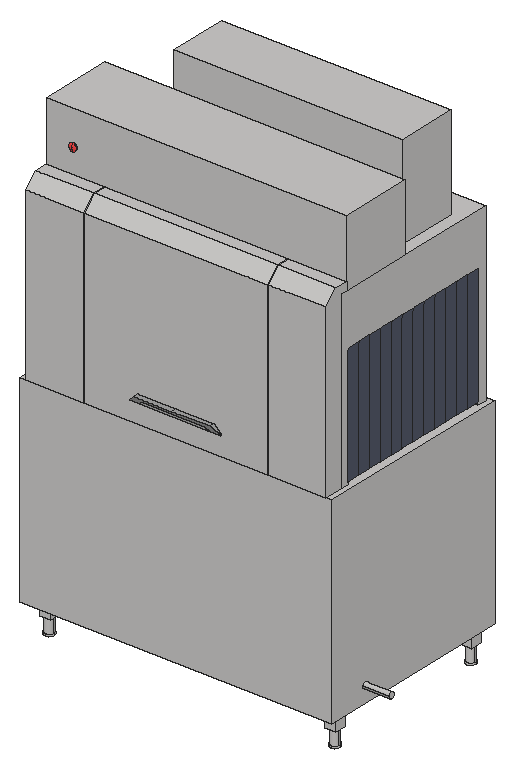
Revit family "QF_ELECTROLUXPROFESSIONAL_520429_ESR20ER5TL", category Specialty Equipment, Revit 2018
Family settings
  Round Connector Dimension = Use Diameter
  Part Type = Normal
  Work Plane-Based = No
  Always vertical = Yes
  Cut with Voids When Loaded = No
  Shared = No
  Room Calculation Point = No
Parameters
  Weight = 258.00 kg
  Watts = 0 W
  Volts = 0 V
  URL Manufacturer = ""
  URL = ""
  Steam Supply Size = 0 mm
  Steam Supply Minimum Pressure = 0.0 Pa
  Steam Supply Maximum Pressure = 0.0 Pa
  Steam Pounds per Hour = 0
  Show Clearance [instance] = yes
  Refrigeration Suction Line Size = 0 mm
  Refrigeration Liquid Line Size = 0 mm
  Refrigerant Compressor Remote = yes
  Manufacturer = ""
  Phase = 0
  Model = ""
  Length Actual = 1148 mm  # constant formula
  L_R [instance] = yes
  Item Number = ""
  Hot Water Size = 0 mm
  Height Actual = 1846 mm  # constant formula
  HP = "67.7 HP"
  Gas Size = 0 mm
  Gas KW = 0
  Gas Input Pressure = 0 W
  Direct Waste Size = 50.8 mm
  Description = ""
  Depth Actual = 800 mm  # constant formula
  Cycle = 0 Hz
  Condensate Return Size = 0 mm
  Compressed Air Volume = 0.0 L/s
  Compressed Air Size = 0 mm
  Compressed Air Pressure = 0.0 Pa
  Cold Water Size = 0 mm
  Accessory = yes
Types (2, lengths in mm): name | Volts | URL Manufacturer | URL | Manufacturer | Phase | Model | Item Number | Description | Cycle
  (no name) | 0 V | "" | "" | "" | 0 | "" | "" | "" | 0 Hz
  Standard | 380 V | "http://professional.electrolux.com" | "http://professional.electrolux.com" | "Electrolux Professional" | 3 | "ESR20ER5TL" | "520429" | "SINGLE RINSE RACK TYPE DISHWASHER,200 RACKS/HOUR,71 THERMAL,ELECTRIC,R>L,380-400V/50HZ/3N" | 50 Hz
Reference planes
  plane 1 "Centro (Fronte/Retro)": y = 0
  plane 2: z = 0
  plane 3 "Centro (Sinistra/Destra)": x = 0
  plane 4 "LEFT": x = -574
  plane 5 "RIGHT": x = 574
  plane 6 "BACK": y = 384
  plane 7 "FRONT": y = -384
  plane 8: z = 120
  plane 9: z = 1747
  plane 10: z = 858
  plane 11: z = 1501
  plane 12: z = 1846
  plane 13: x = -526
  plane 14: x = 526
  plane 15: y = -290
  plane 16: y = 336
  plane 17: y = 369
  plane 18: x = -553
  plane 19: x = 553
  plane 20: y = -318
  plane 21: x = -338
  plane 22: x = 338
  plane 23: z = 1308
  plane 24: z = 2000
  plane 25: y = 464
Forms (mm)
  Extrusion 1, solid, material "QF_Finishes_Stainless Steel"
    sketch origin (0, 0, 0) x (1, 0, 0) y (0, 1, 0)
      loop
        line (-574, 384) -> (-574, -364) -> (574, -364) -> (574, 384) -> (-574, 384)
    from 120 to 858
  Extrusion 2, solid, material "QF_Finishes_Stainless Steel"
    sketch origin (0, 0, 0) x (1, 0, 0) y (0, 1, 0)
      loop
        line (-553, 369) -> (-553, -298) -> (553, -298) -> (553, 369) -> (-553, 369)
    from 858 to 1501
  Extrusion 3, solid, material "QF_Finishes_Stainless Steel"
    sketch origin (0, 20, 0) x (0, 1, 0) y (0, 0, 1)
      loop
        line (-384, 858) -> (-318, 858) -> (-318, 1501) -> (-290, 1501) -> (-290, 1531) -> (-340, 1531) -> (-384, 1487) -> (-384, 858)
    from -553 to -338
  Extrusion 4, solid, material "QF_Finishes_Stainless Steel"
    sketch origin (500, 20, 0) x (0, 1, 0) y (0, 0, 1)
      loop
        line (-384, 858) -> (-318, 858) -> (-318, 1501) -> (-290, 1501) -> (-290, 1531) -> (-340, 1531) -> (-384, 1487) -> (-384, 858)
    from -162 to 53
  Extrusion 5, solid, material "QF_Finishes_Stainless Steel"
    sketch origin (540, 20, 0) x (0, 1, 0) y (0, 0, 1)
      loop
        line (-384, 858) -> (-318, 858) -> (-318, 1501) -> (-290, 1501) -> (-290, 1531) -> (-340, 1531) -> (-384, 1487) -> (-384, 858)
    from -878 to -202
  Extrusion 6, solid, material "QF_Finishes_Gray"
    sketch origin (540, -364, 858) x (0, 0, 1) y (-1, 0, 0)
      loop
        line (100, 540) -> (100, 680) -> (71.716, 708.284) -> (71.716, 371.716) -> (100, 400) -> (100, 540)
    from 0 to 20
  Extrusion 7, void
    sketch origin (540, -384, 858) x (0, 0, -1) y (-1, 0, 0)
      loop
        line (-71.716, 670) -> (-85.858, 655.858) -> (-85.858, 540) -> (-85.858, 424.142) -> (-71.716, 410) -> (-71.716, 670)
    from 0 to 15.552
  Extrusion 8, void
    sketch origin (0, 0, 0) x (0, 1, 0) y (0, 0, 1)
      loop
        line (-368.448, 929.716) -> (-384, 958) -> (-384, 929.716) -> (-368.448, 929.716)
    from -266.002 to 250
  Extrusion 9, solid, material "QF_Finishes_Stainless Steel"
    sketch origin (0, 0, 0) x (1, 0, 0) y (0, 1, 0)
      loop
        line (-553, -270) -> (553, -270) -> (553, 0) -> (-553, 0) -> (-553, -270)
    from 1501 to 1747
  Revolve 10, solid, material "QF_Finishes_Red"
    sketch origin (-450, 0, 0) x (0, 1, 0) y (0, 0, 1)
      loop
        line (-270, 1624.5) -> (-270, 1629.5) -> (-275.578, 1629.5) -> (-275.578, 1638.673) -> (-276.708, 1638.673)
        arc (-276.708, 1638.673) -> (-279.647, 1631.859) -> (-280.606, 1624.5) r 26.817
        line (-280.606, 1624.5) -> (-270, 1624.5)
      axis (-270, 1624.5) -> (-280.606, 1624.5)
    angle from 0 to 360
  Extrusion 11, solid, material "QF_Finishes_Stainless Steel"
    sketch origin (0, 0, 0) x (1, 0, 0) y (0, 1, 0)
      loop
        line (509, 42) -> (509, 265) -> (-334, 265) -> (-334, 42) -> (509, 42)
    from 1501 to 1846
  Extrusion 12, void
    sketch origin (-553, -318, 0) x (0, -1, 0) y (0, 0, -1)
      loop
        line (-654, -1308) -> (-53, -1308) -> (-53, -858) -> (-654, -858) -> (-654, -1308)
    from 0 to 1106
  Extrusion 13, solid, material "QF_Finishes_Navy Blue"
    sketch origin (-553, -318, 0) x (0, 1, 0) y (0, 0, -1)
      loop
        line (653, -1308) -> (653, -868) -> (604, -868) -> (604, -1308) -> (653, -1308)
      loop
        line (53, -1308) -> (102, -1308) -> (102, -868) -> (53, -868) -> (53, -1308)
      loop
        line (602, -868) -> (554, -868) -> (554, -1308) -> (602, -1308) -> (602, -868)
      loop
        line (552, -868) -> (504, -868) -> (504, -1308) -> (552, -1308) -> (552, -868)
      loop
        line (502, -868) -> (454, -868) -> (454, -1308) -> (502, -1308) -> (502, -868)
      loop
        line (452, -868) -> (404, -868) -> (404, -1308) -> (452, -1308) -> (452, -868)
      loop
        line (402, -868) -> (354, -868) -> (354, -1308) -> (402, -1308) -> (402, -868)
      loop
        line (352, -868) -> (304, -868) -> (304, -1308) -> (352, -1308) -> (352, -868)
      loop
        line (302, -868) -> (254, -868) -> (254, -1308) -> (302, -1308) -> (302, -868)
      loop
        line (252, -868) -> (204, -868) -> (204, -1308) -> (252, -1308) -> (252, -868)
      loop
        line (202, -868) -> (154, -868) -> (154, -1308) -> (202, -1308) -> (202, -868)
      loop
        line (152, -868) -> (104, -868) -> (104, -1308) -> (152, -1308) -> (152, -868)
    from 0 to -3
  Extrusion 14, solid, material "QF_Finishes_Navy Blue"
    sketch origin (553, -318, 0) x (0, 1, 0) y (0, 0, 1)
      loop
        line (653, 1308) -> (604, 1308) -> (604, 868) -> (653, 868) -> (653, 1308)
      loop
        line (53, 1308) -> (53, 868) -> (102, 868) -> (102, 1308) -> (53, 1308)
      loop
        line (602, 868) -> (602, 1308) -> (554, 1308) -> (554, 868) -> (602, 868)
      loop
        line (552, 868) -> (552, 1308) -> (504, 1308) -> (504, 868) -> (552, 868)
      loop
        line (502, 868) -> (502, 1308) -> (454, 1308) -> (454, 868) -> (502, 868)
      loop
        line (452, 868) -> (452, 1308) -> (404, 1308) -> (404, 868) -> (452, 868)
      loop
        line (402, 868) -> (402, 1308) -> (354, 1308) -> (354, 868) -> (402, 868)
      loop
        line (352, 868) -> (352, 1308) -> (304, 1308) -> (304, 868) -> (352, 868)
      loop
        line (302, 868) -> (302, 1308) -> (254, 1308) -> (254, 868) -> (302, 868)
      loop
        line (252, 868) -> (252, 1308) -> (204, 1308) -> (204, 868) -> (252, 868)
      loop
        line (202, 868) -> (202, 1308) -> (154, 1308) -> (154, 868) -> (202, 868)
      loop
        line (152, 868) -> (152, 1308) -> (104, 1308) -> (104, 868) -> (152, 868)
    from 0 to -3
  Extrusion 15, solid, material "QF_Door-Drawer Clearances", visible <- "Show Clearance", detail levels coarse
    sketch origin (453, -119.301, 494.86) x (0, 1, 0) y (0, 0, 1)
      loop
        line (-178.699, 1036.14) -> (-178.699, 1475.14) -> (-150.699, 1475.14) -> (-150.699, 1505.14) -> (-200.699, 1505.14) -> (-244.699, 1461.14) -> (-244.699, 992.14) -> (-200.699, 1036.14) -> (-178.699, 1036.14)
    from -791 to -115
  Extrusion 16, solid, material "QF_Clearance", visible <- "Show Clearance", detail levels coarse
    sketch origin (0, 0, 0) x (1, 0, 0) y (0, 1, 0)
      loop
        line (-574, 384) -> (574, 384) -> (574, 464) -> (-574, 464) -> (-574, 384)
    from 0 to 1846
  Extrusion 17, solid, material "QF_Finishes_Stainless Steel"
    sketch origin (-553, -318, 0) x (0, 1, 0) y (0, 0, -1)
      loop
        circle (104, -183) r 10
    from 21 to 121
  Extrusion 18, solid, material "QF_Finishes_Stainless Steel"
    sketch origin (553, -318, 0) x (0, 1, 0) y (0, 0, 1)
      loop
        circle (104, 183) r 10
    from 21 to 121
  Extrusion 19, solid, material "QF_Finishes_Stainless Steel"
    sketch origin (487.887, 0, -4.4) x (-1, 0, 0) y (0, 0, 1)
      loop
        circle (943.887, 1646.362) r 10
    from 0 to 35
  Extrusion 20, solid, material "QF_Finishes_Stainless Steel"
    sketch origin (-335, 265, 6.038) x (1, 0, 0) y (0, 0, -1)
      loop
        circle (204, -1740.962) r 10
    from 0 to 10
Cuts and joins
  Extrusion 7, Extrusion 12 cuts Extrusion 2
  Extrusion 7 cuts Extrusion 5
  Extrusion 7, Extrusion 8 cuts Extrusion 6
  Extrusion 12 cuts Extrusion 1
Lines and regions (mm)
  Split face 1
    outline origin (-553, -270, 0) x (1, 0, 0) y (0, 0, 1)
      loop
        line (215, 1501) -> (215, 1747)
      loop
        line (891, 1501) -> (891, 1747)
  Split face 2
    outline origin (-553, -270, 0) x (1, 0, 0) y (0, 0, 1)
      loop
        line (215, 1651) -> (310, 1651) -> (348.837, 1604.716) -> (553, 1604.716) -> (757.163, 1604.716) -> (796, 1651) -> (891, 1651)
  Split face 3
    outline origin (-553, -270, 0) x (1, 0, 0) y (0, 0, 1)
      loop
        line (482.982, 1651) -> (482.982, 1631) -> (512.982, 1631) -> (512.982, 1651) -> (482.982, 1651)
  Split face 4
    outline origin (553, -270, 0) x (-1, 0, 0) y (0, 0, -1)
      loop
        line (455.982, -1651) -> (485.982, -1651) -> (485.982, -1631) -> (455.982, -1631) -> (455.982, -1651)
  symbolic lines
    curve 1: line (-334, 265, 0) -> (509, 265, 0)
    curve 2: line (-334, 42, 0) -> (-334, 265, 0)
    curve 3: line (509, 42, 0) -> (-334, 42, 0)
    curve 4: line (509, 265, 0) -> (509, 42, 0)
    curve 5: line (-574, 384, 0) -> (574, 384, 0)
    curve 6: line (574, 384, 0) -> (574, -364, 0)
    curve 7: line (574, -364, 0) -> (-574, -364, 0)
    curve 8: line (-574, -364, 0) -> (-574, 384, 0)
    curve 9: line (-553, -364, 0) -> (-553, 369, 0)
    curve 10: line (-553, 369, 0) -> (553, 369, 0)
    curve 11: line (553, 369, 0) -> (553, -364, 0)
    curve 12: line (553, -320, 0) -> (-553, -320, 0)
    curve 13: line (-338, -364, 0) -> (-338, -270, 0)
    curve 14: line (-553, -270, 0) -> (553, -270, 0)
    curve 15: line (338, -364, 0) -> (338, -270, 0)
    curve 16: line (526, 0, 0) -> (-553, 0, 0)
    curve 23: line (-168.284, -364, 0) -> (-168.284, -368.448, 0)
    curve 24: line (-168.284, -368.448, 0) -> (-140, -384, 0)
    curve 25: line (-140, -384, 0) -> (140, -384, 0)
    curve 26: line (140, -384, 0) -> (168.284, -368.448, 0)
    curve 27: line (168.284, -368.448, 0) -> (168.284, -364, 0)
  symbolic lines, style "QF_Clearances"
    curve 17: line (-574, 384, 0) -> (-574, 464, 0)
    curve 18: line (-574, 464, 0) -> (574, 464, 0)
    curve 19: line (574, 384, 0) -> (574, 464, 0)
  symbolic lines, style "SpecialityEquipment"
    curve 20: line (-100, 129, 0) -> (100, 129, 0)
  symbolic lines, style "SpecialityEquipment", visible <- "L_R"
    curve 21: line (-100, 129, 0) -> (-50.207, 87.219, 0)
    curve 22: line (-100, 129, 0) -> (-50.207, 170.781, 0)
Dimensions and locks
  equal spacing: plane 4 "LEFT", plane 3 "Centro (Sinistra/Destra)", plane 5 "RIGHT"
  plane 4 "LEFT" to plane 5 "RIGHT" = 1148 mm
  equal spacing: plane 6 "BACK", plane 1 "Centro (Fronte/Retro)", plane 7 "FRONT"
  plane 6 "BACK" to plane 7 "FRONT" = 768 mm
  plane 12 to plane 9 to plane 11 to plane 10 to plane 8 to plane 2 = 99 mm, 246 mm, 643 mm, 738 mm, 120 mm
  plane 12 to plane 2 = 1846 mm
  locked: plane 4 "LEFT" to plane 13 at 48
  locked: plane 14 to plane 5 "RIGHT" at 48
  locked: plane 6 "BACK" to plane 16 at 48
  locked: plane 15 to plane 7 "FRONT" at 94
  locked: plane 6 "BACK" to plane 17 at 15
  locked: plane 4 "LEFT" to plane 18 at 21
  locked: plane 19 to plane 5 "RIGHT" at 21
  locked: plane 20 to plane 7 "FRONT" at 66
  locked: plane 21 to plane 18 at 215
  locked: plane 19 to plane 22 at 215
  locked: plane 23 to plane 10 at 450
  plane 24 to plane 2 = 2000 mm
  locked: plane 6 "BACK" to plane 25 at 80
  plane 9 to plane 2 = 1747 mm
  aligned and locked: level to plane 2
  aligned and locked: plane 13 to nested 1
  aligned and locked: nested 1 to plane 15
  aligned and locked: nested 2 to plane 16
  aligned and locked: plane 14 to nested 3
  aligned and locked: nested 4 to plane 16
  aligned and locked: plane 14 to nested 4
  aligned and locked: Extrusion 1 sketch curve to plane 6 "BACK"
  aligned and locked: plane 4 "LEFT" to Extrusion 1 sketch curve
  aligned and locked: Extrusion 1 sketch curve to plane 5 "RIGHT"
  aligned and locked: plane 18 to Extrusion 2 sketch curve
  aligned and locked: Extrusion 2 sketch curve to plane 19
  aligned and locked: Extrusion 2 sketch curve to plane 17
  aligned and locked: Extrusion 3 to plane 18
  aligned and locked: plane 21 to Extrusion 3
  aligned and locked: plane 19 to Extrusion 4
  aligned and locked: Extrusion 4 to plane 22
  aligned and locked: Extrusion 5 to plane 21
  aligned and locked: plane 22 to Extrusion 5
  aligned and locked: Extrusion 2 to Extrusion 3
  aligned and locked: Extrusion 1 to Extrusion 3
  aligned and locked: Extrusion 9 sketch curve to Extrusion 3
  aligned and locked: Extrusion 9 sketch curve to plane 18
  aligned and locked: Extrusion 9 sketch curve to plane 1 "Centro (Fronte/Retro)"
  aligned and locked: plane 19 to Extrusion 12
  aligned and locked: plane 4 "LEFT" to Extrusion 17
  aligned and locked: plane 19 to Extrusion 9
  aligned and locked: Extrusion 16 to plane 25
  aligned and locked: plane 9 to Extrusion 9
Automatic sketch dimensions
  plane 7 "FRONT" to Extrusion 1 sketch curve = 20 mm
  Extrusion 2 sketch curve to plane 15 = 8 mm
  Extrusion 3 sketch curve to plane 10 = 0 mm
  Extrusion 3 sketch curve to plane 11 = 0 mm
  plane 7 "FRONT" to Extrusion 3 sketch curve = 20 mm
  Extrusion 3 sketch curve to plane 20 = 2 mm
  Extrusion 3 sketch curve to plane 15 = 8 mm
  plane 15 to Extrusion 3 sketch curve = 20 mm
  Extrusion 3 sketch curve to plane 11 = 14 mm
  plane 11 to Extrusion 3 sketch curve = 30 mm
  Extrusion 4 sketch curve to plane 10 = 0 mm
  Extrusion 4 sketch curve to plane 11 = 0 mm
  plane 7 "FRONT" to Extrusion 4 sketch curve = 20 mm
  Extrusion 4 sketch curve to plane 20 = 2 mm
  Extrusion 4 sketch curve to plane 15 = 8 mm
  plane 15 to Extrusion 4 sketch curve = 20 mm
  Extrusion 4 sketch curve to plane 11 = 14 mm
  plane 11 to Extrusion 4 sketch curve = 30 mm
  Extrusion 5 sketch curve to plane 10 = 0 mm
  Extrusion 5 sketch curve to plane 11 = 0 mm
  plane 7 "FRONT" to Extrusion 5 sketch curve = 20 mm
  Extrusion 5 sketch curve to plane 20 = 2 mm
  Extrusion 5 sketch curve to plane 15 = 8 mm
  plane 15 to Extrusion 5 sketch curve = 20 mm
  Extrusion 5 sketch curve to plane 11 = 14 mm
  plane 11 to Extrusion 5 sketch curve = 30 mm
  Extrusion 6 sketch curve to plane 3 "Centro (Sinistra/Destra)" = 0 mm
  plane 10 to Extrusion 6 sketch curve = 71.716 mm
  Extrusion 6 sketch curve to Extrusion 6 sketch curve = 28.284 mm  (x3)
  plane 3 "Centro (Sinistra/Destra)" to Extrusion 6 sketch curve = 140 mm
  Extrusion 6 sketch curve to Extrusion 6 sketch curve = 140 mm
  Extrusion 7 sketch curve to Extrusion 6 = 0 mm
  Extrusion 6 to Extrusion 7 sketch curve = 14.142 mm
  Extrusion 6 to Extrusion 7 sketch curve = 27.071 mm
  Extrusion 7 sketch curve to Extrusion 7 sketch curve = 14.142 mm  (x2)
  Extrusion 7 sketch curve to Extrusion 7 sketch curve = 115.858 mm  (x2)
  Extrusion 8 sketch curve to plane 7 "FRONT" = 0 mm
  plane 7 "FRONT" to Extrusion 8 sketch curve = 15.552 mm
  plane 10 to Extrusion 8 sketch curve = 71.716 mm
  Extrusion 8 sketch curve to Extrusion 8 sketch curve = 28.284 mm
  Extrusion 9 sketch curve to plane 19 = 0 mm
  Split face 1 sketch curve to Extrusion 9 = 0 mm  (x4)
  Split face 1 sketch curve to Extrusion 9 = 215 mm  (x2)
  Split face 2 sketch curve to Extrusion 9 = 96 mm  (x2)
  Split face 2 sketch curve to Extrusion 9 = 310 mm
  Split face 2 sketch curve to Split face 2 sketch curve = 38.837 mm  (x2)
  Split face 2 sketch curve to Split face 2 sketch curve = 204.163 mm  (x2)
  Split face 2 sketch curve to Extrusion 9 = 103.716 mm
  Split face 2 sketch curve to Split face 2 sketch curve = 95 mm  (x2)
  Split face 3 sketch curve to Extrusion 9 = 116 mm
  Split face 3 sketch curve to Extrusion 9 = 482.982 mm
  Split face 3 sketch curve to Split face 3 sketch curve = 30 mm
  Split face 3 sketch curve to Split face 3 sketch curve = 20 mm
  Split face 4 sketch curve to Extrusion 9 = 116 mm
  Split face 4 sketch curve to Extrusion 9 = 455.982 mm
  Split face 4 sketch curve to Split face 4 sketch curve = 30 mm
  Split face 4 sketch curve to Split face 4 sketch curve = 20 mm
  plane 15 to Revolve 10 sketch curve = 9.394 mm
  plane 15 to Revolve 10 sketch curve = 13.292 mm
  Revolve 10 sketch curve to Revolve 10 sketch curve = 5.028 mm
  Revolve 10 sketch curve to Revolve 10 sketch curve = 5.578 mm
  Revolve 10 sketch curve to Revolve 10 sketch curve = 16.21 mm
  Revolve 10 sketch curve to plane 9 = 122.5 mm  (x2)
  Revolve 10 sketch curve to Revolve 10 sketch curve = 0.248 mm
  Revolve 10 sketch curve to Revolve 10 sketch curve = 5 mm
  Revolve 10 sketch curve to plane 7 "FRONT" = 66 mm
  Revolve 10 sketch curve to Revolve 10 sketch curve = 0 mm
  plane 21 to Extrusion 11 sketch curve = 4 mm
  Extrusion 11 sketch curve to plane 14 = 17 mm
  Extrusion 11 sketch curve to plane 1 "Centro (Fronte/Retro)" = 42 mm
  Extrusion 11 sketch curve to plane 16 = 71 mm
  Extrusion 2 to Extrusion 12 sketch curve = 0 mm
  Extrusion 12 sketch curve to Extrusion 2 = 33 mm
  Extrusion 2 to Extrusion 12 sketch curve = 33 mm
  Extrusion 12 sketch curve to Extrusion 2 = 193 mm
  Extrusion 2 to Extrusion 13 sketch curve = 10 mm  (x9)
  Extrusion 13 sketch curve to Extrusion 2 = 33 mm
  Extrusion 13 sketch curve to Extrusion 13 sketch curve = 49 mm
  Extrusion 13 sketch curve to Extrusion 13 sketch curve = 2 mm  (x11)
  Extrusion 13 sketch curve to Extrusion 13 sketch curve = 48 mm  (x10)
  Extrusion 2 to Extrusion 13 sketch curve = 34 mm
  Extrusion 13 sketch curve to Extrusion 13 sketch curve = 0 mm  (x13)
  Extrusion 2 to Extrusion 13 sketch curve = 193 mm  (x2)
  Extrusion 14 sketch curve to plane 23 = 0 mm  (x12)
  plane 10 to Extrusion 14 sketch curve = 10 mm  (x9)
  plane 15 to Extrusion 14 sketch curve = 25 mm
  Extrusion 14 sketch curve to Extrusion 14 sketch curve = 49 mm
  Extrusion 14 sketch curve to Extrusion 14 sketch curve = 2 mm  (x11)
  Extrusion 14 sketch curve to Extrusion 14 sketch curve = 48 mm  (x8)
  plane 1 "Centro (Fronte/Retro)" to Extrusion 14 sketch curve = 16 mm
  Extrusion 14 sketch curve to plane 1 "Centro (Fronte/Retro)" = 34 mm
  Extrusion 14 sketch curve to plane 16 = 1 mm
  Extrusion 14 sketch curve to Extrusion 14 sketch curve = 0 mm  (x3)
  Extrusion 15 sketch curve to plane 24 = 0 mm
  plane 7 "FRONT" to Extrusion 15 sketch curve = 20 mm
  Extrusion 15 sketch curve to plane 20 = 2 mm  (x2)
  Extrusion 15 sketch curve to plane 15 = 8 mm
  plane 15 to Extrusion 15 sketch curve = 20 mm
  Extrusion 15 sketch curve to plane 24 = 30 mm
  Extrusion 15 sketch curve to plane 24 = 44 mm
  plane 11 to Extrusion 15 sketch curve = 30 mm
  Extrusion 15 sketch curve to plane 11 = 14 mm
  Extrusion 16 sketch curve to plane 4 "LEFT" = 0 mm
  Extrusion 16 sketch curve to plane 5 "RIGHT" = 0 mm
  Extrusion 16 sketch curve to plane 6 "BACK" = 0 mm
  plane 25 to Extrusion 16 sketch curve = 0 mm
  Extrusion 17 sketch curve to Extrusion 2 = 84 mm
  Extrusion 17 sketch curve to Extrusion 2 = 675 mm
  plane 15 to Extrusion 18 sketch curve = 76 mm
  plane 8 to Extrusion 18 sketch curve = 63 mm
  plane 13 to Extrusion 19 sketch curve = 70 mm
  Extrusion 19 sketch curve to plane 9 = 105.038 mm
  Extrusion 11 to Extrusion 20 sketch curve = 99 mm
  Extrusion 20 sketch curve to Extrusion 11 = 203 mm
  curve 18 to plane 4 "LEFT" = 0 mm
  curve 12 to plane 18 = 0 mm
  curve 13 to plane 21 = 0 mm
  curve 24 to plane 7 "FRONT" = 0 mm
  curve 15 to plane 22 = 0 mm
  plane 1 "Centro (Fronte/Retro)" to curve 16 = 0 mm
  curve 16 to plane 14 = 0 mm
  plane 17 to curve 11 = 0 mm
  curve 11 to plane 19 = 0 mm
  curve 5 to plane 5 "RIGHT" = 0 mm
  curve 5 to plane 6 "BACK" = 0 mm
  plane 25 to curve 18 = 0 mm
  plane 21 to curve 2 = 4 mm
  plane 7 "FRONT" to curve 24 = 15.552 mm
  curve 24 to plane 3 "Centro (Sinistra/Destra)" = 168.284 mm
  curve 23 to curve 24 = 28.284 mm
  curve 22 to plane 3 "Centro (Sinistra/Destra)" = 100 mm
  plane 3 "Centro (Sinistra/Destra)" to curve 25 = 140 mm
  curve 4 to plane 14 = 17 mm
  curve 2 to plane 1 "Centro (Fronte/Retro)" = 42 mm
  curve 22 to plane 1 "Centro (Fronte/Retro)" = 129 mm
  curve 1 to plane 16 = 71 mm
  curve 22 to plane 3 "Centro (Sinistra/Destra)" = 50.207 mm
  curve 21 to plane 3 "Centro (Sinistra/Destra)" = 50.207 mm
  plane 3 "Centro (Sinistra/Destra)" to curve 20 = 100 mm
  curve 25 to curve 27 = 28.284 mm
  plane 7 "FRONT" to curve 26 = 15.552 mm
  curve 26 to curve 27 = 4.448 mm
  curve 12 to plane 20 = 2 mm
  plane 15 to curve 15 = 20 mm
  curve 21 to curve 20 = 41.781 mm
  curve 20 to curve 22 = 41.781 mm
  radius of Extrusion 17 sketch curve = 10 mm
  radius of Extrusion 18 sketch curve = 10 mm
  radius of Extrusion 19 sketch curve = 10 mm
  radius of Extrusion 20 sketch curve = 10 mm
Nested families
  nested 1: "Foot_40x40_H150" at (-526, -290, 0), type "Foot_40x40_H150"
  nested 2: "Foot_40x40_H150" at (-526, 336, 0), type "Foot_40x40_H150"
  nested 3: "Foot_40x40_H150" at (526, -290, 0), type "Foot_40x40_H150"
  nested 4: "Foot_40x40_H150" at (526, 336, 0), type "Foot_40x40_H150"
Connectors
  piping at (-674, -214, 183), diameter 20
    settings: on Extrusion 17, index 1, connector inside diameter 609.6 mm, connector length 0 mm, flow factor 0, pipe flow 0.0 L/s, pressure drop 0.0 Pa, fitting loss kfactor 0, connector angle 0.00°, fixture units 0, engagement length 0 mm, angle of deflection 0.00°, flow configuration 1, flow direction 2, fitting loss method 0, system type 16, joint type 0, gender type 0, connector reference index -1, connector utility 0, adjustable connector no, is connector primary yes, connector description "Drain"
  piping at (674, -214, 183), diameter 20
    settings: on Extrusion 18, index 2, connector inside diameter 609.6 mm, connector length 0 mm, flow factor 0, pipe flow 0.0 L/s, pressure drop 0.0 Pa, fitting loss kfactor 0, connector angle 0.00°, fixture units 0, engagement length 0 mm, angle of deflection 0.00°, flow configuration 1, flow direction 2, fitting loss method 0, system type 16, joint type 0, gender type 0, connector reference index -1, connector utility 0, adjustable connector no, is connector primary no, connector description "Drain"
  electrical at (-456, 35, 1641.962)
    settings: on Extrusion 19, index 3, voltage 0 V, apparent load 0 VA, apparent load phase1 0 VA, apparent load phase2 0 VA, apparent load phase3 0 VA, power factor 1, load classification "Altro", number of poles 1, system type 30, power factor state 1, is connector primary yes, connector utility no, sub classification motor no, connector description "Electrical"
  piping at (-131, 275, 1747), diameter 609.6
    settings: on Extrusion 20, index 4, connector inside diameter 609.6 mm, connector length 0 mm, flow factor 0, pipe flow 0.0 L/s, pressure drop 0.0 Pa, fitting loss kfactor 0, connector angle 0.00°, fixture units 0, engagement length 0 mm, angle of deflection 0.00°, flow configuration 0, flow direction 0, fitting loss method 0, system type 20, joint type 0, gender type 0, connector reference index -1, connector utility 0, adjustable connector no, is connector primary no, connector description "Cold Water"
Definition of nested family "Foot_40x40_H150"
  Reference planes
    plane 1 "Centro (Fronte/Retro)": y = 0
    plane 2: z = 0
    plane 3 "Centro (Sinistra/Destra)": x = 0
    plane 4: z = 120
  Forms (mm)
    Extrusion 1, solid
      sketch origin (0, 0, 0) x (1, 0, 0) y (0, 1, 0)
        loop
          circle (0, 0) r 18
      from 0 to 5
    Extrusion 2, solid
      sketch origin (0, 0, 5) x (1, 0, 0) y (0, 1, 0)
        loop
          circle (0, 0) r 15
      from 0 to 55
    Extrusion 3, solid
      sketch origin (0, 0, 60) x (1, 0, 0) y (0, 1, 0)
        loop
          line (-20, 20) -> (-20, -20) -> (20, -20) -> (20, 20) -> (-20, 20)
      from 0 to 60
  Dimensions and locks
    aligned and locked: level to plane 2
    aligned and locked: plane 4 to Extrusion 3
    aligned and locked: Extrusion 1 to level
